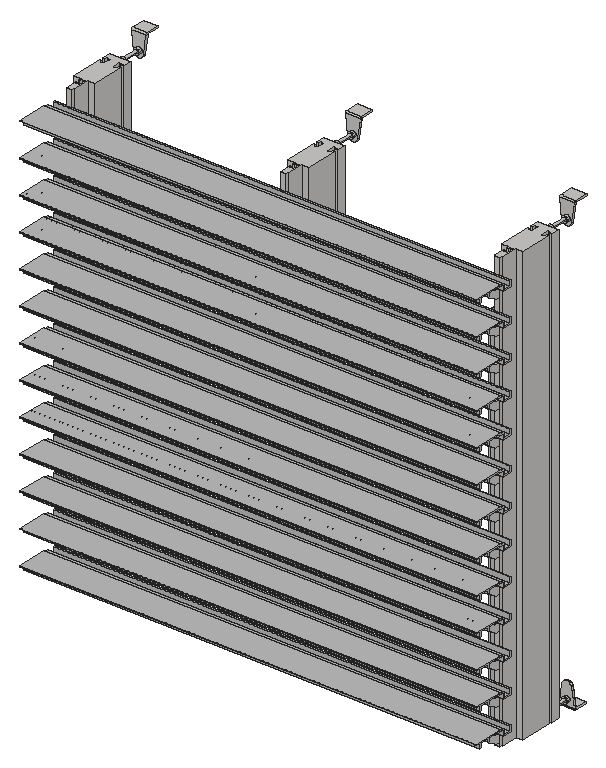
Revit family "Window_Shade-Draper-FlexLouver_Rack_Arm_System-Square", category Specialty Equipment, Revit 2013 (continued)
Definition of nested family "Bracket"
  Automatic sketch dimensions
    plane 1 "Center (Front/Back)" to Revolve 3 sketch curve = 0"
    Revolve 3 sketch curve to plane 3 "Center (Left/Right)" = 0.1102"
    plane 1 "Center (Front/Back)" to Revolve 3 sketch curve = 0.25196"
    Revolve 3 sketch curve to Revolve 3 sketch curve = 1.32498"
    Revolve 3 sketch curve to Revolve 3 sketch curve = 0.24196"
    Revolve 3 sketch curve to Revolve 3 sketch curve = 0.11811"
    Revolve 3 sketch curve to Revolve 3 sketch curve = 0.25196"
    Revolve 3 sketch curve to Revolve 3 sketch curve = 0.0945"
    Revolve 3 sketch curve to Revolve 3 sketch curve = 1.09843"
    Revolve 3 sketch curve to plane 1 "Center (Front/Back)" = 0.11811"
    Revolve 3 sketch curve to Revolve 3 sketch curve = 0.1102"
    Revolve 3 sketch curve to Revolve 3 sketch curve = 0.11418"  (x2)
    Revolve 3 sketch curve to Revolve 3 sketch curve = 0.22438"
    Extrusion 4 sketch curve to level = 0"
    plane 1 "Center (Front/Back)" to Extrusion 4 sketch curve = 1.8189"
    Extrusion 4 sketch curve to Extrusion 4 sketch curve = 1.06299"
    plane 3 "Center (Left/Right)" to Extrusion 5 sketch curve = 0.58257"
    plane 3 "Center (Left/Right)" to Extrusion 5 sketch curve = 0.37978"
    Extrusion 5 sketch curve to plane 6 = 0.99268"
    Extrusion 5 sketch curve to plane 3 "Center (Left/Right)" = 0"
    Extrusion 5 sketch curve to plane 3 "Center (Left/Right)" = 0.37978"
    Extrusion 5 sketch curve to plane 3 "Center (Left/Right)" = 0.58257"
    plane 1 "Center (Front/Back)" to Revolve 6 sketch curve = 0"
    Revolve 6 sketch curve to plane 3 "Center (Left/Right)" = 0"  (x3)
    Revolve 6 sketch curve to plane 3 "Center (Left/Right)" = 0.1102"  (x2)
    plane 1 "Center (Front/Back)" to Revolve 6 sketch curve = 0.25196"
    Revolve 6 sketch curve to Revolve 6 sketch curve = 0.11418"  (x2)
    Revolve 6 sketch curve to plane 3 "Center (Left/Right)" = 0.22438"
    Revolve 6 sketch curve to Revolve 6 sketch curve = 1.32498"
    Revolve 6 sketch curve to Revolve 6 sketch curve = 0.24196"
    Revolve 6 sketch curve to Revolve 6 sketch curve = 0.11811"
    Revolve 6 sketch curve to Revolve 6 sketch curve = 0.25196"
    Revolve 6 sketch curve to Revolve 6 sketch curve = 0.0945"
    Revolve 6 sketch curve to plane 1 "Center (Front/Back)" = 0.11811"
    Revolve 6 sketch curve to Revolve 6 sketch curve = 1.09843"
Definition of nested family "Louver Rotation"
  Parameters (values of type "Louver Rotation")
    Louver Rotation = 30.00°
    Louver = Metal - Draper -Aluminum - Silver
    Length = 36"
    88E Louver = no
    80R Louver = no
    75E Louver = no
    50A Louver = yes
  Reference planes (in)
    plane 1 "Center (Front/Back)": y = 0
    plane 2: z = 0
    plane 3 "Center (Left/Right)": x = 0
    plane 4: through (0, 11.8388, 20.5054) normal (0, -0.866, 0.5)
  Dimensions and locks (in)
    locked: plane 4 to plane 1 "Center (Front/Back)" at 0
    "Louver Rotation": angle plane 1 "Center (Front/Back)" to plane 4
    aligned and locked: plane 2 to level
    aligned and locked: nested 1 to plane 4
    aligned and locked: plane 3 "Center (Left/Right)" to nested 1
  Nested families (in)
    nested 1: "Louver" at (0, 0, 0) x (1, 0, 0) z (0, -0.866, 0.5), type "Louver"
  Definition of nested family "Louver"
    Parameters (values of type "Louver")
      Rack Arm Array = if(Length < 35 1/2", 2, if(and(Length > 35 1/2", Length < 70 1/2"), 3, if(and(Length > 70 1/2", Length < 105 1/2"), 4, if(and(Length > 105 1/2", Length < 140 1/2"), 5, if(Length > 140 1/2", 6, 2)))))  # 3
      Product Page URL = ""
      Product Name = ""
      Product Documentation Link = ""
      Model = ""
      Material = ""
      Louver = Metal - Draper -Aluminum - Silver
      Length = 36"
      Default Elevation = 48"
      88E Louver = no
      80R Louver = no
      75E Louver = no
      75E - 88E = if(or([88E Louver], [75E Louver]), 1 = 1, 1 = 0)  # no
      50A Louver = yes
    Reference planes (in)
      plane 1 "Center (Front/Back)": y = 0
      plane 2: z = 0
      plane 3 "Center (Left/Right)": x = 0
      plane 4: x = -18
      plane 5: x = 18
      plane 6: x = -17.46875
      plane 7: x = -17.15625
      plane 8: x = 16.3125
    Forms (in)
      Extrusion 1, solid, material "Metal - Draper -Aluminum - Silver" <- "Louver", visible <- "50A Louver"
        sketch origin (0.875, 0.09844, 0.09471) x (0, 1, 0) y (0, 0, 1)
          loop
            line (0.85922, 0) -> (0.86917, 0.02962)
            arc (0.86917, 0.02962) -> (-0.14297, 0.13236) -> (-1.10039, -0.21165) r 2.29955
            line (-1.10039, -0.21165) -> (-1.08494, -0.23886)
            arc (-1.08494, -0.23886) -> (-0.13997, 0.10124) -> (0.85922, 0) r 2.2683
        from -18.875 to 17.125
      Extrusion 2, solid, material "Metal - Draper -Aluminum - Silver" <- "Louver", visible <- "75E Louver"
        sketch origin (0.875, -0.27705, -0.28799) x (0, 1, 0) y (0, 0, 1)
          loop
            arc (-0.93097, 0.42732) -> (-0.63341, 0.48598) -> (-0.3325, 0.52386) r 4.37044
            line (-0.3325, 0.52386) -> (-0.3325, 0.26422) -> (-0.27191, 0.26422) -> (-0.27191, 0.52894)
            arc (-0.27191, 0.52894) -> (0.47622, 0.52215) -> (1.21224, 0.38786) r 4.37044
            line (1.21224, 0.38786) -> (1.21224, 0) -> (1.2892, 0) -> (1.2892, 0.36612)
            arc (1.2892, 0.36612) -> (1.51991, 0.29165) -> (1.74614, 0.20451) r 4.37044
            arc (1.74614, 0.20451) -> (1.82881, 0.1271) -> (1.84994, 0.23836) r 0.06463
            arc (1.84994, 0.23836) -> (0.43744, 0.61105) -> (-1.01727, 0.47752) r 4.20109
            arc (-1.01727, 0.47752) -> (-1.02703, 0.36146) -> (-0.93097, 0.42732) r 0.06446
        from -18.875 to 17.125
      Extrusion 3, solid, material "Metal - Draper -Aluminum - Silver" <- "Louver", visible <- "80R Louver"
        sketch origin (0.875, 0.01071, 2.13816) x (0, 1, 0) y (0, 0, 1)
          loop
            arc (1.4161, -2.4181) -> (1.37978, -2.50109) -> (1.33223, -2.42398) r 0.05114
            line (1.33223, -2.42398) -> (1.30018, -2.41891)
            arc (1.30018, -2.41891) -> (1.39147, -2.5307) -> (1.43495, -2.39308) r 0.08203
            arc (1.43495, -2.39308) -> (0.10648, -1.90939) -> (-1.29962, -2.05656) r 3.14468
            arc (-1.29962, -2.05656) -> (-1.30016, -2.20078) -> (-1.179, -2.12254) r 0.08203
            line (-1.179, -2.12254) -> (-1.21105, -2.11747)
            arc (-1.21105, -2.11747) -> (-1.2801, -2.17611) -> (-1.289, -2.08595) r 0.05114
            arc (-1.289, -2.08595) -> (0.10182, -1.94031) -> (1.4161, -2.4181) r 3.11343
        from -18.875 to 17.125
      Extrusion 4, solid, material "Metal - Draper -Aluminum - Silver" <- "Louver", visible <- "88E Louver"
        sketch origin (0.875, -0.64781, 2.45794) x (0, 1, 0) y (0, 0, 1)
          loop
            line (-1.05423, -2.17771) -> (-1.05423, -2.24021) -> (-0.69623, -2.24021) -> (-0.69623, -2.61148) -> (-0.63373, -2.61148) -> (-0.63373, -2.24021) -> (0.03734, -2.24021) -> (0.03734, -2.48736) -> (0.09832, -2.48736) -> (0.09832, -2.24021) -> (1.25281, -2.24021) -> (1.25281, -2.31855) -> (1.58301, -2.31855) -> (1.58301, -2.74593) -> (2.32077, -2.74593) -> (2.32077, -2.29155) -> (2.25724, -2.29155) -> (2.25724, -2.68343) -> (1.64458, -2.68343) -> (1.64458, -2.25605) -> (1.31531, -2.25605) -> (1.31531, -2.17771) -> (-1.05423, -2.17771)
        from -18.875 to 17.125
      Extrusion 5, solid, material "Metal - Draper -Aluminum - Silver" <- "Louver", visible <- "75E - 88E"
        sketch origin (0.03125, 9.96393, -0.85962) x (0, 1, 0) y (0, 0, 1)
          loop
            line (-8.89938, 0.32812) -> (-8.89938, 0.57163) -> (-9.02874, 0.57163) -> (-9.02874, 0.94914) -> (-9.82122, 0.94914)
            arc (-9.82122, 0.94914) -> (-9.93468, 1.02552) -> (-10.06742, 0.99255) r 0.16846
            line (-10.06742, 0.99255) -> (-10.51342, 1.03942) -> (-10.51342, 0.8302) -> (-10.57441, 0.8302) -> (-10.57441, 1.05461) -> (-10.64797, 1.04604) -> (-10.73533, 0.9893)
            arc (-10.73533, 0.9893) -> (-10.78682, 0.91644) -> (-10.77402, 0.82815) r 0.12038
            line (-10.77402, 0.82815) -> (-10.53117, 0.40752)
            arc (-10.53117, 0.40752) -> (-10.41309, 0.28944) -> (-10.2518, 0.24622) r 0.32258
            line (-10.2518, 0.24622) -> (-9.81442, 0.24622)
            arc (-9.81442, 0.24622) -> (-9.49847, 0.22436) -> (-9.19207, 0.14423) r 1.69904
            arc (-9.19207, 0.14423) -> (-8.62944, -0.26945) -> (-8.14287, -0.7704) r 4.21291
            arc (-8.14287, -0.7704) -> (-7.92295, -0.79192) -> (-7.90143, -0.572) r 0.15625
            arc (-7.90143, -0.572) -> (-8.36681, -0.08469) -> (-8.89938, 0.32812) r 4.52541
        from -17.5 to -17.1875
      Extrusion 6, solid, material "Metal - Draper -Aluminum - Silver" <- "Louver", visible <- "80R Louver"
        sketch origin (0.03125, 8.27568, -4.36662) x (0, 1, 0) y (0, 0, 1)
          loop
            line (-7.10762, 3.96828) -> (-7.01185, 3.95652) -> (-6.99493, 4.09435) -> (-6.84887, 4.08669)
            arc (-6.84887, 4.08669) -> (-8.16314, 4.56448) -> (-9.55396, 4.41884) r 3.11343
            line (-9.55396, 4.41884) -> (-9.43148, 4.40812) -> (-9.43148, 4.26562)
            arc (-9.43148, 4.26562) -> (-7.94482, 3.88738) -> (-6.69214, 3.00194) r 4.21291
            arc (-6.69214, 3.00194) -> (-6.47562, 2.99494) -> (-6.45912, 3.21056) r 0.15625
            arc (-6.45912, 3.21056) -> (-6.81272, 3.53864) -> (-7.19923, 3.82722) r 4.52541
            line (-7.19923, 3.82722) -> (-7.10762, 3.96828)
        from -17.5 to -17.1875
      Extrusion 7, solid, material "Metal - Draper -Aluminum - Silver" <- "Louver", visible <- "50A Louver"
        sketch origin (0.09375, -1.77024, -3.17223) x (0, 1, 0) y (0, 0, 1)
          loop
            arc (2.94797, 2.1925) -> (2.49588, 2.62987) -> (1.95835, 2.95657) r 2.82996
            arc (1.95835, 2.95657) -> (1.84399, 2.89281) -> (1.7131, 2.88984) r 0.2721
            line (1.7131, 2.88984) -> (1.29602, 2.55209) -> (1.25669, 2.60066) -> (1.69921, 2.95901)
            arc (1.69921, 2.95901) -> (1.57054, 3.09945) -> (1.60869, 3.28606) r 0.2096
            arc (1.60869, 3.28606) -> (1.18834, 3.16497) -> (0.80014, 2.96331) r 2.2058
            arc (0.80014, 2.96331) -> (0.69202, 2.98601) -> (0.71472, 3.09414) r 0.07812
            arc (0.71472, 3.09414) -> (0.77943, 3.13491) -> (0.84542, 3.17357) r 2.36205
            line (0.84542, 3.17357) -> (0.87627, 3.11921)
            arc (0.87627, 3.11921) -> (0.82224, 3.08776) -> (0.76908, 3.05484) r 2.29955
            line (0.76908, 3.05484) -> (0.78452, 3.02763)
            arc (0.78452, 3.02763) -> (1.72949, 3.36773) -> (2.72868, 3.26649) r 2.2683
            line (2.72868, 3.26649) -> (2.73863, 3.29611)
            arc (2.73863, 3.29611) -> (2.6791, 3.31522) -> (2.61906, 3.33271) r 2.29955
            line (2.61906, 3.33271) -> (2.639, 3.39204)
            arc (2.639, 3.39204) -> (2.71143, 3.37064) -> (2.78313, 3.34694) r 2.36205
            arc (2.78313, 3.34694) -> (2.83121, 3.24746) -> (2.73173, 3.19939) r 0.07813
            arc (2.73173, 3.19939) -> (2.6265, 3.23311) -> (2.5197, 3.26153) r 2.2058
            line (2.5197, 3.26153) -> (2.24021, 3.16529)
            arc (2.24021, 3.16529) -> (2.73896, 2.83611) -> (3.16638, 2.41847) r 3.14246
            arc (3.16638, 2.41847) -> (3.18384, 2.18601) -> (2.9509, 2.19491) r 0.15625
          loop
            arc (1.90262, 3.31973) -> (1.96396, 3.24078) -> (1.98175, 3.1424) r 0.2096
            line (1.98175, 3.1424) -> (2.40055, 3.2866)
            arc (2.40055, 3.2866) -> (2.15252, 3.31729) -> (1.90262, 3.31973) r 2.2058
        from -17.5625 to -17.25
      Extrusion 8, solid, material "Metal - Draper -Aluminum - Silver" <- "Louver", visible <- "75E - 88E"
        sketch origin (33.8125, 9.96393, -0.85962) x (0, 1, 0) y (0, 0, 1)
          loop
            line (-8.89938, 0.32812) -> (-8.89938, 0.57163) -> (-9.02874, 0.57163) -> (-9.02874, 0.94914) -> (-9.82122, 0.94914)
            arc (-9.82122, 0.94914) -> (-9.93468, 1.02552) -> (-10.06742, 0.99255) r 0.16846
            line (-10.06742, 0.99255) -> (-10.51342, 1.03942) -> (-10.51342, 0.8302) -> (-10.57441, 0.8302) -> (-10.57441, 1.05461) -> (-10.64797, 1.04604) -> (-10.73533, 0.9893)
            arc (-10.73533, 0.9893) -> (-10.78682, 0.91644) -> (-10.77402, 0.82815) r 0.12038
            line (-10.77402, 0.82815) -> (-10.53117, 0.40752)
            arc (-10.53117, 0.40752) -> (-10.41309, 0.28944) -> (-10.2518, 0.24622) r 0.32258
            line (-10.2518, 0.24622) -> (-9.81442, 0.24622)
            arc (-9.81442, 0.24622) -> (-9.49847, 0.22436) -> (-9.19207, 0.14423) r 1.69904
            arc (-9.19207, 0.14423) -> (-8.62944, -0.26945) -> (-8.14287, -0.7704) r 4.21291
            arc (-8.14287, -0.7704) -> (-7.92295, -0.79192) -> (-7.90143, -0.572) r 0.15625
            arc (-7.90143, -0.572) -> (-8.36681, -0.08469) -> (-8.89938, 0.32812) r 4.52541
        from -17.5 to -17.1875
      Extrusion 9, solid, material "Metal - Draper -Aluminum - Silver" <- "Louver", visible <- "75E - 88E"
        sketch origin (16.92188, 9.96393, -0.85962) x (0, 1, 0) y (0, 0, 1)
          loop
            line (-8.89938, 0.32812) -> (-8.89938, 0.57163) -> (-9.02874, 0.57163) -> (-9.02874, 0.94914) -> (-9.82122, 0.94914)
            arc (-9.82122, 0.94914) -> (-9.93468, 1.02552) -> (-10.06742, 0.99255) r 0.16846
            line (-10.06742, 0.99255) -> (-10.51342, 1.03942) -> (-10.51342, 0.8302) -> (-10.57441, 0.8302) -> (-10.57441, 1.05461) -> (-10.64797, 1.04604) -> (-10.73533, 0.9893)
            arc (-10.73533, 0.9893) -> (-10.78682, 0.91644) -> (-10.77402, 0.82815) r 0.12038
            line (-10.77402, 0.82815) -> (-10.53117, 0.40752)
            arc (-10.53117, 0.40752) -> (-10.41309, 0.28944) -> (-10.2518, 0.24622) r 0.32258
            line (-10.2518, 0.24622) -> (-9.81442, 0.24622)
            arc (-9.81442, 0.24622) -> (-9.49847, 0.22436) -> (-9.19207, 0.14423) r 1.69904
            arc (-9.19207, 0.14423) -> (-8.62944, -0.26945) -> (-8.14287, -0.7704) r 4.21291
            arc (-8.14287, -0.7704) -> (-7.92295, -0.79192) -> (-7.90143, -0.572) r 0.15625
            arc (-7.90143, -0.572) -> (-8.36681, -0.08469) -> (-8.89938, 0.32812) r 4.52541
        from -17.5 to -17.1875
      Extrusion 10, solid, material "Metal - Draper -Aluminum - Silver" <- "Louver", visible <- "80R Louver"
        sketch origin (33.8125, 8.27568, -4.36662) x (0, 1, 0) y (0, 0, 1)
          loop
            line (-7.10762, 3.96828) -> (-7.01185, 3.95652) -> (-6.99493, 4.09435) -> (-6.84887, 4.08669)
            arc (-6.84887, 4.08669) -> (-8.16314, 4.56448) -> (-9.55396, 4.41884) r 3.11343
            line (-9.55396, 4.41884) -> (-9.43148, 4.40812) -> (-9.43148, 4.26562)
            arc (-9.43148, 4.26562) -> (-7.94482, 3.88738) -> (-6.69214, 3.00194) r 4.21291
            arc (-6.69214, 3.00194) -> (-6.47562, 2.99494) -> (-6.45912, 3.21056) r 0.15625
            arc (-6.45912, 3.21056) -> (-6.81272, 3.53864) -> (-7.19923, 3.82722) r 4.52541
            line (-7.19923, 3.82722) -> (-7.10762, 3.96828)
        from -17.5 to -17.1875
      Extrusion 11, solid, material "Metal - Draper -Aluminum - Silver" <- "Louver", visible <- "80R Louver"
        sketch origin (16.92188, 8.27568, -4.36662) x (0, 1, 0) y (0, 0, 1)
          loop
            line (-7.10762, 3.96828) -> (-7.01185, 3.95652) -> (-6.99493, 4.09435) -> (-6.84887, 4.08669)
            arc (-6.84887, 4.08669) -> (-8.16314, 4.56448) -> (-9.55396, 4.41884) r 3.11343
            line (-9.55396, 4.41884) -> (-9.43148, 4.40812) -> (-9.43148, 4.26562)
            arc (-9.43148, 4.26562) -> (-7.94482, 3.88738) -> (-6.69214, 3.00194) r 4.21291
            arc (-6.69214, 3.00194) -> (-6.47562, 2.99494) -> (-6.45912, 3.21056) r 0.15625
            arc (-6.45912, 3.21056) -> (-6.81272, 3.53864) -> (-7.19923, 3.82722) r 4.52541
            line (-7.19923, 3.82722) -> (-7.10762, 3.96828)
        from -17.5 to -17.1875
      Extrusion 12, solid, material "Metal - Draper -Aluminum - Silver" <- "Louver", visible <- "50A Louver"
        sketch origin (33.875, -1.77024, -3.17223) x (0, 1, 0) y (0, 0, 1)
          loop
            arc (2.94797, 2.1925) -> (2.49588, 2.62987) -> (1.95835, 2.95657) r 2.82996
            arc (1.95835, 2.95657) -> (1.84399, 2.89281) -> (1.7131, 2.88984) r 0.2721
            line (1.7131, 2.88984) -> (1.29602, 2.55209) -> (1.25669, 2.60066) -> (1.69921, 2.95901)
            arc (1.69921, 2.95901) -> (1.57054, 3.09945) -> (1.60869, 3.28606) r 0.2096
            arc (1.60869, 3.28606) -> (1.18834, 3.16497) -> (0.80014, 2.96331) r 2.2058
            arc (0.80014, 2.96331) -> (0.69202, 2.98601) -> (0.71472, 3.09414) r 0.07812
            arc (0.71472, 3.09414) -> (0.77943, 3.13491) -> (0.84542, 3.17357) r 2.36205
            line (0.84542, 3.17357) -> (0.87627, 3.11921)
            arc (0.87627, 3.11921) -> (0.82224, 3.08776) -> (0.76908, 3.05484) r 2.29955
            line (0.76908, 3.05484) -> (0.78452, 3.02763)
            arc (0.78452, 3.02763) -> (1.72949, 3.36773) -> (2.72868, 3.26649) r 2.2683
            line (2.72868, 3.26649) -> (2.73863, 3.29611)
            arc (2.73863, 3.29611) -> (2.6791, 3.31522) -> (2.61906, 3.33271) r 2.29955
            line (2.61906, 3.33271) -> (2.639, 3.39204)
            arc (2.639, 3.39204) -> (2.71143, 3.37064) -> (2.78313, 3.34694) r 2.36205
            arc (2.78313, 3.34694) -> (2.83121, 3.24746) -> (2.73173, 3.19939) r 0.07813
            arc (2.73173, 3.19939) -> (2.6265, 3.23311) -> (2.5197, 3.26153) r 2.2058
            line (2.5197, 3.26153) -> (2.24021, 3.16529)
            arc (2.24021, 3.16529) -> (2.73896, 2.83611) -> (3.16638, 2.41847) r 3.14246
            arc (3.16638, 2.41847) -> (3.18384, 2.18601) -> (2.9509, 2.19491) r 0.15625
          loop
            arc (1.90262, 3.31973) -> (1.96396, 3.24078) -> (1.98175, 3.1424) r 0.2096
            line (1.98175, 3.1424) -> (2.40055, 3.2866)
            arc (2.40055, 3.2866) -> (2.15252, 3.31729) -> (1.90262, 3.31973) r 2.2058
        from -17.5625 to -17.25
      Extrusion 13, solid, material "Metal - Draper -Aluminum - Silver" <- "Louver", visible <- "50A Louver"
        sketch origin (16.98438, -1.77024, -3.17223) x (0, 1, 0) y (0, 0, 1)
          loop
            arc (2.94797, 2.1925) -> (2.49588, 2.62987) -> (1.95835, 2.95657) r 2.82996
            arc (1.95835, 2.95657) -> (1.84399, 2.89281) -> (1.7131, 2.88984) r 0.2721
            line (1.7131, 2.88984) -> (1.29602, 2.55209) -> (1.25669, 2.60066) -> (1.69921, 2.95901)
            arc (1.69921, 2.95901) -> (1.57054, 3.09945) -> (1.60869, 3.28606) r 0.2096
            arc (1.60869, 3.28606) -> (1.18834, 3.16497) -> (0.80014, 2.96331) r 2.2058
            arc (0.80014, 2.96331) -> (0.69202, 2.98601) -> (0.71472, 3.09414) r 0.07812
            arc (0.71472, 3.09414) -> (0.77943, 3.13491) -> (0.84542, 3.17357) r 2.36205
            line (0.84542, 3.17357) -> (0.87627, 3.11921)
            arc (0.87627, 3.11921) -> (0.82224, 3.08776) -> (0.76908, 3.05484) r 2.29955
            line (0.76908, 3.05484) -> (0.78452, 3.02763)
            arc (0.78452, 3.02763) -> (1.72949, 3.36773) -> (2.72868, 3.26649) r 2.2683
            line (2.72868, 3.26649) -> (2.73863, 3.29611)
            arc (2.73863, 3.29611) -> (2.6791, 3.31522) -> (2.61906, 3.33271) r 2.29955
            line (2.61906, 3.33271) -> (2.639, 3.39204)
            arc (2.639, 3.39204) -> (2.71143, 3.37064) -> (2.78313, 3.34694) r 2.36205
            arc (2.78313, 3.34694) -> (2.83121, 3.24746) -> (2.73173, 3.19939) r 0.07813
            arc (2.73173, 3.19939) -> (2.6265, 3.23311) -> (2.5197, 3.26153) r 2.2058
            line (2.5197, 3.26153) -> (2.24021, 3.16529)
            arc (2.24021, 3.16529) -> (2.73896, 2.83611) -> (3.16638, 2.41847) r 3.14246
            arc (3.16638, 2.41847) -> (3.18384, 2.18601) -> (2.9509, 2.19491) r 0.15625
          loop
            arc (1.90262, 3.31973) -> (1.96396, 3.24078) -> (1.98175, 3.1424) r 0.2096
            line (1.98175, 3.1424) -> (2.40055, 3.2866)
            arc (2.40055, 3.2866) -> (2.15252, 3.31729) -> (1.90262, 3.31973) r 2.2058
        from -17.5625 to -17.25
      Extrusion 14, solid, material "Metal - Draper -Aluminum - Silver" <- "Louver", visible <- "50A Louver", not visible
        sketch origin (0.09375, -1.77024, -3.17223) x (0, 1, 0) y (0, 0, 1)
          loop
            arc (2.94797, 2.1925) -> (2.49588, 2.62987) -> (1.95835, 2.95657) r 2.82996
            arc (1.95835, 2.95657) -> (1.84399, 2.89281) -> (1.7131, 2.88984) r 0.2721
            line (1.7131, 2.88984) -> (1.29602, 2.55209) -> (1.25669, 2.60066) -> (1.69921, 2.95901)
            arc (1.69921, 2.95901) -> (1.57054, 3.09945) -> (1.60869, 3.28606) r 0.2096
            arc (1.60869, 3.28606) -> (1.18834, 3.16497) -> (0.80014, 2.96331) r 2.2058
            arc (0.80014, 2.96331) -> (0.69202, 2.98601) -> (0.71472, 3.09414) r 0.07812
            arc (0.71472, 3.09414) -> (0.77943, 3.13491) -> (0.84542, 3.17357) r 2.36205
            line (0.84542, 3.17357) -> (0.87627, 3.11921)
            arc (0.87627, 3.11921) -> (0.82224, 3.08776) -> (0.76908, 3.05484) r 2.29955
            line (0.76908, 3.05484) -> (0.78452, 3.02763)
            arc (0.78452, 3.02763) -> (1.72949, 3.36773) -> (2.72868, 3.26649) r 2.2683
            line (2.72868, 3.26649) -> (2.73863, 3.29611)
            arc (2.73863, 3.29611) -> (2.6791, 3.31522) -> (2.61906, 3.33271) r 2.29955
            line (2.61906, 3.33271) -> (2.639, 3.39204)
            arc (2.639, 3.39204) -> (2.71143, 3.37064) -> (2.78313, 3.34694) r 2.36205
            arc (2.78313, 3.34694) -> (2.83121, 3.24746) -> (2.73173, 3.19939) r 0.07813
            arc (2.73173, 3.19939) -> (2.6265, 3.23311) -> (2.5197, 3.26153) r 2.2058
            line (2.5197, 3.26153) -> (2.24021, 3.16529)
            arc (2.24021, 3.16529) -> (2.73896, 2.83611) -> (3.16638, 2.41847) r 3.14246
            arc (3.16638, 2.41847) -> (3.18384, 2.18601) -> (2.9509, 2.19491) r 0.15625
          loop
            arc (1.90262, 3.31973) -> (1.96396, 3.24078) -> (1.98175, 3.1424) r 0.2096
            line (1.98175, 3.1424) -> (2.40055, 3.2866)
            arc (2.40055, 3.2866) -> (2.15252, 3.31729) -> (1.90262, 3.31973) r 2.2058
        from -17.5625 to -17.25
      Extrusion 15, solid, material "Metal - Draper -Aluminum - Silver" <- "Louver", visible <- "80R Louver", not visible
        sketch origin (0.03125, 8.27568, -4.36662) x (0, 1, 0) y (0, 0, 1)
          loop
            line (-7.10762, 3.96828) -> (-7.01185, 3.95652) -> (-6.99493, 4.09435) -> (-6.84887, 4.08669)
            arc (-6.84887, 4.08669) -> (-8.16314, 4.56448) -> (-9.55396, 4.41884) r 3.11343
            line (-9.55396, 4.41884) -> (-9.43148, 4.40812) -> (-9.43148, 4.26562)
            arc (-9.43148, 4.26562) -> (-7.94482, 3.88738) -> (-6.69214, 3.00194) r 4.21291
            arc (-6.69214, 3.00194) -> (-6.47562, 2.99494) -> (-6.45912, 3.21056) r 0.15625
            arc (-6.45912, 3.21056) -> (-6.81272, 3.53864) -> (-7.19923, 3.82722) r 4.52541
            line (-7.19923, 3.82722) -> (-7.10762, 3.96828)
        from -17.5 to -17.1875
      Extrusion 16, solid, material "Metal - Draper -Aluminum - Silver" <- "Louver", visible <- "75E - 88E", not visible
        sketch origin (0.03125, 9.96393, -0.85962) x (0, 1, 0) y (0, 0, 1)
          loop
            line (-8.89938, 0.32812) -> (-8.89938, 0.57163) -> (-9.02874, 0.57163) -> (-9.02874, 0.94914) -> (-9.82122, 0.94914)
            arc (-9.82122, 0.94914) -> (-9.93468, 1.02552) -> (-10.06742, 0.99255) r 0.16846
            line (-10.06742, 0.99255) -> (-10.51342, 1.03942) -> (-10.51342, 0.8302) -> (-10.57441, 0.8302) -> (-10.57441, 1.05461) -> (-10.64797, 1.04604) -> (-10.73533, 0.9893)
            arc (-10.73533, 0.9893) -> (-10.78682, 0.91644) -> (-10.77402, 0.82815) r 0.12038
            line (-10.77402, 0.82815) -> (-10.53117, 0.40752)
            arc (-10.53117, 0.40752) -> (-10.41309, 0.28944) -> (-10.2518, 0.24622) r 0.32258
            line (-10.2518, 0.24622) -> (-9.81442, 0.24622)
            arc (-9.81442, 0.24622) -> (-9.49847, 0.22436) -> (-9.19207, 0.14423) r 1.69904
            arc (-9.19207, 0.14423) -> (-8.62944, -0.26945) -> (-8.14287, -0.7704) r 4.21291
            arc (-8.14287, -0.7704) -> (-7.92295, -0.79192) -> (-7.90143, -0.572) r 0.15625
            arc (-7.90143, -0.572) -> (-8.36681, -0.08469) -> (-8.89938, 0.32812) r 4.52541
        from -17.5 to -17.1875
    Dimensions and locks (in)
      equal spacing: plane 4, plane 3 "Center (Left/Right)", plane 5
      "Length": plane 4 to plane 5
      locked: plane 4 to plane 6 at 0.53125
      locked: plane 6 to plane 7 at 0.3125
      locked: plane 8 to plane 5 at 1.6875
      equal spacing: group 1, group 3, group 2  (x3)
      equal spacing: group 4, group 6, group 5  (x3)
      equal spacing: group 7, group 9, group 8  (x3)
      aligned and locked: plane 2 to level
      aligned and locked: Extrusion 4 to plane 4
      aligned and locked: Extrusion 2 to plane 4
      aligned and locked: Extrusion 3 to plane 4
      aligned and locked: Extrusion 1 to plane 4
      aligned and locked: plane 5 to Extrusion 4
      aligned and locked: plane 5 to Extrusion 2
      aligned and locked: plane 5 to Extrusion 1
      aligned and locked: plane 5 to Extrusion 3
      aligned and locked: Extrusion 5 to plane 6
      aligned and locked: Extrusion 6 to plane 6
      aligned and locked: plane 8 to Extrusion 8
      aligned and locked: plane 8 to Extrusion 10
      aligned and locked: plane 8 to Extrusion 12
      aligned and locked: plane 7 to Extrusion 5
      aligned and locked: plane 7 to Extrusion 6
      aligned and locked: plane 7 to Extrusion 7
    Automatic sketch dimensions
      Extrusion 3 sketch curve to Extrusion 3 sketch curve = 0"  (x2)
      level to Extrusion 3 sketch curve = 0.02069"
      plane 1 "Center (Front/Back)" to Extrusion 3 sketch curve = 1.20034"
      Extrusion 3 sketch curve to level = 0.28582"
      level to Extrusion 3 sketch curve = 1/64"
      Extrusion 3 sketch curve to Extrusion 3 sketch curve = 0.03204"  (x2)
      Extrusion 3 sketch curve to Extrusion 3 sketch curve = 0.08857"
      Extrusion 3 sketch curve to Extrusion 3 sketch curve = 0.01063"
      level to Extrusion 3 sketch curve = 0.00946"
      Extrusion 3 sketch curve to Extrusion 3 sketch curve = 0.04989"
      Extrusion 3 sketch curve to Extrusion 3 sketch curve = 0.00014"
      plane 1 "Center (Front/Back)" to Extrusion 3 sketch curve = 0.2669"
      Extrusion 3 sketch curve to Extrusion 3 sketch curve = 0.00017"
      Extrusion 3 sketch curve to Extrusion 3 sketch curve = 0.01885"
      Extrusion 3 sketch curve to Extrusion 3 sketch curve = 0.00508"
      Extrusion 3 sketch curve to level = 2.89237"
      Extrusion 3 sketch curve to Extrusion 3 sketch curve = 0.00006"
      level to Extrusion 4 sketch curve = 0.28023"
      plane 1 "Center (Front/Back)" to Extrusion 4 sketch curve = 1.70204"
      Extrusion 4 sketch curve to level = 0.28799"
      Extrusion 4 sketch curve to Extrusion 4 sketch curve = 0.358"
      Extrusion 4 sketch curve to Extrusion 4 sketch curve = 1/16"  (x5)
      Extrusion 4 sketch curve to level = 0.02942"
      plane 1 "Center (Front/Back)" to Extrusion 4 sketch curve = 0.61048"
      Extrusion 4 sketch curve to Extrusion 4 sketch curve = 0.06098"
      Extrusion 4 sketch curve to Extrusion 4 sketch curve = 0.3302"
      Extrusion 4 sketch curve to Extrusion 4 sketch curve = 0.06353"
      Extrusion 4 sketch curve to level = 0.15354"
      level to Extrusion 4 sketch curve = 0.1394"
      level to Extrusion 4 sketch curve = 0.1664"
      Extrusion 4 sketch curve to Extrusion 4 sketch curve = 0.01583"
      Extrusion 4 sketch curve to Extrusion 4 sketch curve = 0"
      Extrusion 5 sketch curve to Extrusion 5 sketch curve = 0.03869"
      Extrusion 5 sketch curve to Extrusion 5 sketch curve = 0.08736"
      Extrusion 5 sketch curve to Extrusion 5 sketch curve = 0.19961"
      Extrusion 5 sketch curve to Extrusion 5 sketch curve = 0.04324"
      Extrusion 5 sketch curve to Extrusion 5 sketch curve = 0.06098"
      Extrusion 5 sketch curve to Extrusion 5 sketch curve = 0"  (x6)
      Extrusion 5 sketch curve to Extrusion 5 sketch curve = 0.16129"
      Extrusion 5 sketch curve to Extrusion 5 sketch curve = 0.24351"
      Extrusion 5 sketch curve to Extrusion 5 sketch curve = 0.00661"
      Extrusion 5 sketch curve to Extrusion 5 sketch curve = 0.01518"
      Extrusion 5 sketch curve to Extrusion 5 sketch curve = 3.69133"
      Extrusion 4 sketch curve to plane 1 "Center (Front/Back)" = 0.605"
      Extrusion 4 sketch curve to Extrusion 4 sketch curve = 0.06157"
      Extrusion 5 sketch curve to Extrusion 5 sketch curve = 0.12936"
      Extrusion 5 sketch curve to Extrusion 5 sketch curve = 0.29269"
      Extrusion 6 sketch curve to Extrusion 6 sketch curve = 0.12249"
      Extrusion 6 sketch curve to Extrusion 6 sketch curve = 0.0916"
      Extrusion 6 sketch curve to Extrusion 6 sketch curve = 0.09577"
      Extrusion 6 sketch curve to Extrusion 6 sketch curve = 0.12072"
      Extrusion 6 sketch curve to Extrusion 6 sketch curve = 0.1293"
      Extrusion 6 sketch curve to Extrusion 6 sketch curve = 0.01176"
      Extrusion 6 sketch curve to Extrusion 6 sketch curve = 0.00765"
      Extrusion 6 sketch curve to Extrusion 6 sketch curve = 1.41236"
      Extrusion 6 sketch curve to Extrusion 6 sketch curve = 0.00038"
      Extrusion 6 sketch curve to Extrusion 6 sketch curve = 0.10904"
      Extrusion 3 sketch curve to Extrusion 3 sketch curve = 0.0438"
      Extrusion 3 sketch curve to Extrusion 3 sketch curve = 0.0399"
      Extrusion 6 sketch curve to Extrusion 6 sketch curve = 0.14606"
      Extrusion 3 sketch curve to plane 1 "Center (Front/Back)" = 1.31089"
      Extrusion 4 sketch curve to plane 1 "Center (Front/Back)" = 1.60943"
      Extrusion 5 sketch curve to Extrusion 5 sketch curve = 0.75651"
      Extrusion 5 sketch curve to Extrusion 5 sketch curve = 0.12072"
      Extrusion 6 sketch curve to Extrusion 6 sketch curve = 0.50709"
      Extrusion 6 sketch curve to Extrusion 6 sketch curve = 0.00039"
      Extrusion 5 sketch curve to Extrusion 5 sketch curve = 0.27937"
      Extrusion 5 sketch curve to Extrusion 5 sketch curve = 0.446"
      Extrusion 5 sketch curve to Extrusion 5 sketch curve = 0.2462"
      Extrusion 5 sketch curve to Extrusion 5 sketch curve = 0.43738"
      Extrusion 5 sketch curve to Extrusion 5 sketch curve = 0.79248"
      Extrusion 5 sketch curve to Extrusion 5 sketch curve = 1.146"
      Extrusion 5 sketch curve to Extrusion 5 sketch curve = 0.09536"
      Extrusion 5 sketch curve to Extrusion 5 sketch curve = 0.10349"
      Extrusion 5 sketch curve to Extrusion 5 sketch curve = 0.58118"
      Extrusion 5 sketch curve to Extrusion 5 sketch curve = 0.0819"
      Extrusion 5 sketch curve to Extrusion 5 sketch curve = 0.42063"
      Extrusion 5 sketch curve to Extrusion 5 sketch curve = 0.00206"
      Extrusion 5 sketch curve to Extrusion 5 sketch curve = 0.3775"
      Extrusion 5 sketch curve to Extrusion 5 sketch curve = 0.16115"
      Extrusion 5 sketch curve to Extrusion 5 sketch curve = 0.04341"
      Extrusion 5 sketch curve to Extrusion 5 sketch curve = 0.20922"
      Extrusion 8 sketch curve to Extrusion 8 sketch curve = 0.03869"
      Extrusion 8 sketch curve to Extrusion 8 sketch curve = 0.08736"
      Extrusion 8 sketch curve to Extrusion 8 sketch curve = 0.19961"
      Extrusion 8 sketch curve to Extrusion 8 sketch curve = 0.04324"
      Extrusion 8 sketch curve to Extrusion 8 sketch curve = 0.06098"
      Extrusion 8 sketch curve to Extrusion 8 sketch curve = 0"  (x6)
      Extrusion 8 sketch curve to Extrusion 8 sketch curve = 0.16129"
      Extrusion 8 sketch curve to Extrusion 8 sketch curve = 0.24351"
      Extrusion 8 sketch curve to Extrusion 8 sketch curve = 0.00661"
      Extrusion 8 sketch curve to Extrusion 8 sketch curve = 0.01518"
      Extrusion 8 sketch curve to Extrusion 8 sketch curve = 3.69133"
      Extrusion 8 sketch curve to Extrusion 8 sketch curve = 0.12936"
      Extrusion 8 sketch curve to Extrusion 8 sketch curve = 0.29269"
      Extrusion 8 sketch curve to Extrusion 8 sketch curve = 0.75651"
      Extrusion 8 sketch curve to Extrusion 8 sketch curve = 0.12072"
      Extrusion 8 sketch curve to Extrusion 8 sketch curve = 0.27937"
      Extrusion 8 sketch curve to Extrusion 8 sketch curve = 0.446"
      Extrusion 8 sketch curve to Extrusion 8 sketch curve = 0.2462"
      Extrusion 8 sketch curve to Extrusion 8 sketch curve = 0.43738"
      Extrusion 8 sketch curve to Extrusion 8 sketch curve = 0.79248"
      Extrusion 8 sketch curve to Extrusion 8 sketch curve = 1.146"
      Extrusion 8 sketch curve to Extrusion 8 sketch curve = 0.09536"
      Extrusion 8 sketch curve to Extrusion 8 sketch curve = 0.10349"
      Extrusion 8 sketch curve to Extrusion 8 sketch curve = 0.58118"
      Extrusion 8 sketch curve to Extrusion 8 sketch curve = 0.0819"
      Extrusion 8 sketch curve to Extrusion 8 sketch curve = 0.42063"
      Extrusion 8 sketch curve to Extrusion 8 sketch curve = 0.00206"
      Extrusion 8 sketch curve to Extrusion 8 sketch curve = 0.3775"
      Extrusion 8 sketch curve to Extrusion 8 sketch curve = 0.16115"
      Extrusion 8 sketch curve to Extrusion 8 sketch curve = 0.04341"
      Extrusion 8 sketch curve to Extrusion 8 sketch curve = 0.20922"
      Extrusion 9 sketch curve to Extrusion 9 sketch curve = 0.03869"
      Extrusion 9 sketch curve to Extrusion 9 sketch curve = 0.08736"
      Extrusion 9 sketch curve to Extrusion 9 sketch curve = 0.19961"
      Extrusion 9 sketch curve to Extrusion 9 sketch curve = 0.04324"
      Extrusion 9 sketch curve to Extrusion 9 sketch curve = 0.06098"
      Extrusion 9 sketch curve to Extrusion 9 sketch curve = 0"  (x6)
      Extrusion 9 sketch curve to Extrusion 9 sketch curve = 0.16129"
      Extrusion 9 sketch curve to Extrusion 9 sketch curve = 0.24351"
      Extrusion 9 sketch curve to Extrusion 9 sketch curve = 0.00661"
      Extrusion 9 sketch curve to Extrusion 9 sketch curve = 0.01518"
      Extrusion 9 sketch curve to Extrusion 9 sketch curve = 3.69133"
      Extrusion 9 sketch curve to Extrusion 9 sketch curve = 0.12936"
      Extrusion 9 sketch curve to Extrusion 9 sketch curve = 0.29269"
      Extrusion 9 sketch curve to Extrusion 9 sketch curve = 0.75651"
      Extrusion 9 sketch curve to Extrusion 9 sketch curve = 0.12072"
      Extrusion 9 sketch curve to Extrusion 9 sketch curve = 0.27937"
      Extrusion 9 sketch curve to Extrusion 9 sketch curve = 0.446"
      Extrusion 9 sketch curve to Extrusion 9 sketch curve = 0.2462"
      Extrusion 9 sketch curve to Extrusion 9 sketch curve = 0.43738"
      Extrusion 9 sketch curve to Extrusion 9 sketch curve = 0.79248"
      Extrusion 9 sketch curve to Extrusion 9 sketch curve = 1.146"
      Extrusion 9 sketch curve to Extrusion 9 sketch curve = 0.09536"
      Extrusion 9 sketch curve to Extrusion 9 sketch curve = 0.10349"
      Extrusion 9 sketch curve to Extrusion 9 sketch curve = 0.58118"
      Extrusion 9 sketch curve to Extrusion 9 sketch curve = 0.0819"
      Extrusion 9 sketch curve to Extrusion 9 sketch curve = 0.42063"
      Extrusion 9 sketch curve to Extrusion 9 sketch curve = 0.00206"
      Extrusion 9 sketch curve to Extrusion 9 sketch curve = 0.3775"
      Extrusion 9 sketch curve to Extrusion 9 sketch curve = 0.16115"
      Extrusion 9 sketch curve to Extrusion 9 sketch curve = 0.04341"
      Extrusion 9 sketch curve to Extrusion 9 sketch curve = 0.20922"
      Extrusion 6 sketch curve to Extrusion 6 sketch curve = 0"  (x4)
      Extrusion 6 sketch curve to Extrusion 6 sketch curve = 2.23225"
      Extrusion 6 sketch curve to Extrusion 6 sketch curve = 0.01692"
      Extrusion 6 sketch curve to Extrusion 6 sketch curve = 0.27807"
      Extrusion 6 sketch curve to Extrusion 6 sketch curve = 1.16697"
      Extrusion 6 sketch curve to Extrusion 6 sketch curve = 0.11191"
      Extrusion 6 sketch curve to Extrusion 6 sketch curve = 0.4384"
      Extrusion 6 sketch curve to Extrusion 6 sketch curve = 0.01072"
      Extrusion 10 sketch curve to Extrusion 10 sketch curve = 0.12249"
      Extrusion 10 sketch curve to Extrusion 10 sketch curve = 0.0916"
      Extrusion 10 sketch curve to Extrusion 10 sketch curve = 0.09577"
      Extrusion 10 sketch curve to Extrusion 10 sketch curve = 0.12072"
      Extrusion 10 sketch curve to Extrusion 10 sketch curve = 0.1293"
      Extrusion 10 sketch curve to Extrusion 10 sketch curve = 0.01176"
      Extrusion 10 sketch curve to Extrusion 10 sketch curve = 0.00765"
      Extrusion 10 sketch curve to Extrusion 10 sketch curve = 1.41236"
      Extrusion 10 sketch curve to Extrusion 10 sketch curve = 0.00038"
      Extrusion 10 sketch curve to Extrusion 10 sketch curve = 0.10904"
      Extrusion 10 sketch curve to Extrusion 10 sketch curve = 0.14606"
      Extrusion 10 sketch curve to Extrusion 10 sketch curve = 0.50709"
      Extrusion 10 sketch curve to Extrusion 10 sketch curve = 0.00039"
      Extrusion 10 sketch curve to Extrusion 10 sketch curve = 0"  (x4)
      Extrusion 10 sketch curve to Extrusion 10 sketch curve = 2.23225"
      Extrusion 10 sketch curve to Extrusion 10 sketch curve = 0.01692"
      Extrusion 10 sketch curve to Extrusion 10 sketch curve = 0.27807"
      Extrusion 10 sketch curve to Extrusion 10 sketch curve = 1.16697"
      Extrusion 10 sketch curve to Extrusion 10 sketch curve = 0.11191"
      Extrusion 10 sketch curve to Extrusion 10 sketch curve = 0.4384"
      Extrusion 10 sketch curve to Extrusion 10 sketch curve = 0.01072"
      Extrusion 11 sketch curve to Extrusion 11 sketch curve = 0.12249"
      Extrusion 11 sketch curve to Extrusion 11 sketch curve = 0.0916"
      Extrusion 11 sketch curve to Extrusion 11 sketch curve = 0.09577"
      Extrusion 11 sketch curve to Extrusion 11 sketch curve = 0.12072"
      Extrusion 11 sketch curve to Extrusion 11 sketch curve = 0.1293"
      Extrusion 11 sketch curve to Extrusion 11 sketch curve = 0.01176"
      Extrusion 11 sketch curve to Extrusion 11 sketch curve = 0.00765"
      Extrusion 11 sketch curve to Extrusion 11 sketch curve = 1.41236"
      Extrusion 11 sketch curve to Extrusion 11 sketch curve = 0.00038"
      Extrusion 11 sketch curve to Extrusion 11 sketch curve = 0.10904"
      Extrusion 11 sketch curve to Extrusion 11 sketch curve = 0.14606"
      Extrusion 11 sketch curve to Extrusion 11 sketch curve = 0.50709"
      Extrusion 11 sketch curve to Extrusion 11 sketch curve = 0.00039"
      Extrusion 11 sketch curve to Extrusion 11 sketch curve = 0"  (x4)
      Extrusion 11 sketch curve to Extrusion 11 sketch curve = 2.23225"
      Extrusion 11 sketch curve to Extrusion 11 sketch curve = 0.01692"
      Extrusion 11 sketch curve to Extrusion 11 sketch curve = 0.27807"
      Extrusion 11 sketch curve to Extrusion 11 sketch curve = 1.16697"
      Extrusion 11 sketch curve to Extrusion 11 sketch curve = 0.11191"
      Extrusion 11 sketch curve to Extrusion 11 sketch curve = 0.4384"
      Extrusion 11 sketch curve to Extrusion 11 sketch curve = 0.01072"
      Extrusion 15 sketch curve to Extrusion 15 sketch curve = 0.12249"
      Extrusion 15 sketch curve to Extrusion 15 sketch curve = 0.0916"
      Extrusion 15 sketch curve to Extrusion 15 sketch curve = 0.09577"
      Extrusion 15 sketch curve to Extrusion 15 sketch curve = 0.12072"
      Extrusion 15 sketch curve to Extrusion 15 sketch curve = 0.1293"
      Extrusion 15 sketch curve to Extrusion 15 sketch curve = 0.01176"
      Extrusion 15 sketch curve to Extrusion 15 sketch curve = 0.00765"
      Extrusion 15 sketch curve to Extrusion 15 sketch curve = 1.41236"
      Extrusion 15 sketch curve to Extrusion 15 sketch curve = 0.00038"
      Extrusion 15 sketch curve to Extrusion 15 sketch curve = 0.10904"
      Extrusion 15 sketch curve to Extrusion 15 sketch curve = 0.14606"
      Extrusion 15 sketch curve to Extrusion 15 sketch curve = 0.50709"
      Extrusion 15 sketch curve to Extrusion 15 sketch curve = 0.00039"
      Extrusion 15 sketch curve to Extrusion 15 sketch curve = 0"  (x4)
      Extrusion 15 sketch curve to Extrusion 15 sketch curve = 2.23225"
      Extrusion 15 sketch curve to Extrusion 15 sketch curve = 0.01692"
      Extrusion 15 sketch curve to Extrusion 15 sketch curve = 0.27807"
      Extrusion 15 sketch curve to Extrusion 15 sketch curve = 1.16697"
      Extrusion 15 sketch curve to Extrusion 15 sketch curve = 0.11191"
      Extrusion 15 sketch curve to Extrusion 15 sketch curve = 0.4384"
      Extrusion 15 sketch curve to Extrusion 15 sketch curve = 0.01072"
      Extrusion 16 sketch curve to Extrusion 16 sketch curve = 0.03869"
      Extrusion 16 sketch curve to Extrusion 16 sketch curve = 0.08736"
      Extrusion 16 sketch curve to Extrusion 16 sketch curve = 0.19961"
      Extrusion 16 sketch curve to Extrusion 16 sketch curve = 0.04324"
      Extrusion 16 sketch curve to Extrusion 16 sketch curve = 0.06098"
      Extrusion 16 sketch curve to Extrusion 16 sketch curve = 0"  (x6)
      Extrusion 16 sketch curve to Extrusion 16 sketch curve = 0.16129"
      Extrusion 16 sketch curve to Extrusion 16 sketch curve = 0.24351"
      Extrusion 16 sketch curve to Extrusion 16 sketch curve = 0.00661"
      Extrusion 16 sketch curve to Extrusion 16 sketch curve = 0.01518"
      Extrusion 16 sketch curve to Extrusion 16 sketch curve = 3.69133"
      Extrusion 16 sketch curve to Extrusion 16 sketch curve = 0.12936"
      Extrusion 16 sketch curve to Extrusion 16 sketch curve = 0.29269"
      Extrusion 16 sketch curve to Extrusion 16 sketch curve = 0.75651"
      Extrusion 16 sketch curve to Extrusion 16 sketch curve = 0.12072"
      Extrusion 16 sketch curve to Extrusion 16 sketch curve = 0.27937"
      Extrusion 16 sketch curve to Extrusion 16 sketch curve = 0.446"
      Extrusion 16 sketch curve to Extrusion 16 sketch curve = 0.2462"
      Extrusion 16 sketch curve to Extrusion 16 sketch curve = 0.43738"
      Extrusion 16 sketch curve to Extrusion 16 sketch curve = 0.79248"
      Extrusion 16 sketch curve to Extrusion 16 sketch curve = 1.146"
      Extrusion 16 sketch curve to Extrusion 16 sketch curve = 0.09536"
      Extrusion 16 sketch curve to Extrusion 16 sketch curve = 0.10349"
      Extrusion 16 sketch curve to Extrusion 16 sketch curve = 0.58118"
      Extrusion 16 sketch curve to Extrusion 16 sketch curve = 0.0819"
      Extrusion 16 sketch curve to Extrusion 16 sketch curve = 0.42063"
      Extrusion 16 sketch curve to Extrusion 16 sketch curve = 0.00206"
      Extrusion 16 sketch curve to Extrusion 16 sketch curve = 0.3775"
      Extrusion 16 sketch curve to Extrusion 16 sketch curve = 0.16115"
      Extrusion 16 sketch curve to Extrusion 16 sketch curve = 0.04341"
      Extrusion 16 sketch curve to Extrusion 16 sketch curve = 0.20922"
      Extrusion 2 sketch curve to Extrusion 2 sketch curve = 0"  (x4)
      Extrusion 2 sketch curve to level = 0.02377"
      plane 1 "Center (Front/Back)" to Extrusion 2 sketch curve = 0.60955"
      Extrusion 2 sketch curve to level = 0.28799"
      Extrusion 2 sketch curve to Extrusion 2 sketch curve = 0.06059"
      level to Extrusion 2 sketch curve = 0.09987"
      Extrusion 2 sketch curve to plane 1 "Center (Front/Back)" = 0.9352"
      Extrusion 2 sketch curve to Extrusion 2 sketch curve = 0.07696"
      level to Extrusion 2 sketch curve = 0.18953"
      Extrusion 2 sketch curve to Extrusion 2 sketch curve = 0.68477"
      Extrusion 2 sketch curve to Extrusion 2 sketch curve = 0.02265"
      Extrusion 2 sketch curve to Extrusion 2 sketch curve = 0.06365"
      plane 1 "Center (Front/Back)" to Extrusion 2 sketch curve = 0.21441"
      plane 1 "Center (Front/Back)" to Extrusion 2 sketch curve = 0.1888"
      Extrusion 2 sketch curve to level = 0.08348"
      Extrusion 2 sketch curve to Extrusion 2 sketch curve = 0.45695"
      Extrusion 2 sketch curve to Extrusion 2 sketch curve = 0.06263"
      Extrusion 2 sketch curve to level = 0.04963"
      Extrusion 2 sketch curve to Extrusion 2 sketch curve = 0.04117"
      level to Extrusion 2 sketch curve = 5/64"
      Extrusion 2 sketch curve to Extrusion 2 sketch curve = 0.00507"
      Extrusion 1 sketch curve to Extrusion 1 sketch curve = 0"  (x2)
      Extrusion 1 sketch curve to level = 0.11694"
      plane 1 "Center (Front/Back)" to Extrusion 1 sketch curve = 1.00194"
      Extrusion 1 sketch curve to level = 0.14416"
      Extrusion 1 sketch curve to Extrusion 1 sketch curve = 0.01545"
      level to Extrusion 1 sketch curve = 0.09471"
      Extrusion 1 sketch curve to plane 1 "Center (Front/Back)" = 0.95766"
      level to Extrusion 1 sketch curve = 0.12433"
      Extrusion 1 sketch curve to Extrusion 1 sketch curve = 0.00995"
      Extrusion 7 sketch curve to Extrusion 7 sketch curve = 0"  (x68)
      Extrusion 7 sketch curve to Extrusion 7 sketch curve = 0.01545"
      Extrusion 7 sketch curve to Extrusion 7 sketch curve = 0.07635"
      Extrusion 7 sketch curve to Extrusion 7 sketch curve = 0.03085"
      Extrusion 7 sketch curve to Extrusion 7 sketch curve = 0.47216"
      Extrusion 7 sketch curve to Extrusion 7 sketch curve = 0.03933"
      Extrusion 7 sketch curve to Extrusion 7 sketch curve = 0.44252"
      Extrusion 7 sketch curve to Extrusion 7 sketch curve = 0.01389"
      Extrusion 7 sketch curve to Extrusion 7 sketch curve = 0.28254"
      Extrusion 7 sketch curve to Extrusion 7 sketch curve = 0.25846"
      Extrusion 7 sketch curve to Extrusion 7 sketch curve = 0.16034"
      Extrusion 7 sketch curve to Extrusion 7 sketch curve = 0.11916"
      Extrusion 7 sketch curve to Extrusion 7 sketch curve = 0.09936"
      Extrusion 7 sketch curve to Extrusion 7 sketch curve = 0.01994"
      Extrusion 7 sketch curve to Extrusion 7 sketch curve = 0.10962"
      Extrusion 7 sketch curve to Extrusion 7 sketch curve = 0.00995"
      Extrusion 7 sketch curve to Extrusion 7 sketch curve = 0.05436"  (x2)
      Extrusion 7 sketch curve to Extrusion 7 sketch curve = 0.02709"
      Extrusion 7 sketch curve to Extrusion 7 sketch curve = 0.5296"
      Extrusion 7 sketch curve to Extrusion 7 sketch curve = 0.09052"
      Extrusion 7 sketch curve to Extrusion 7 sketch curve = 0.2092"
      Extrusion 7 sketch curve to Extrusion 7 sketch curve = 0.07913"
      Extrusion 7 sketch curve to Extrusion 7 sketch curve = 0.0234"
      Extrusion 7 sketch curve to Extrusion 7 sketch curve = 1.23968"
      Extrusion 7 sketch curve to Extrusion 7 sketch curve = 0.00305"
      Extrusion 7 sketch curve to Extrusion 7 sketch curve = 0.02876"
      Extrusion 7 sketch curve to Extrusion 7 sketch curve = 0.21624"
      Extrusion 7 sketch curve to Extrusion 7 sketch curve = 0.00292"
      Extrusion 7 sketch curve to Extrusion 7 sketch curve = 0.12045"
      Extrusion 7 sketch curve to Extrusion 7 sketch curve = 0.09503"
      Extrusion 7 sketch curve to Extrusion 7 sketch curve = 0.04857"
      Extrusion 7 sketch curve to Extrusion 7 sketch curve = 0.42696"
      Extrusion 7 sketch curve to Extrusion 7 sketch curve = 0.02722"
      Extrusion 7 sketch curve to Extrusion 7 sketch curve = 0.06437"
      Extrusion 7 sketch curve to Extrusion 7 sketch curve = 0.18339"
      Extrusion 7 sketch curve to Extrusion 7 sketch curve = 0.02289"
      Extrusion 7 sketch curve to Extrusion 7 sketch curve = 0.02507"
      Extrusion 7 sketch curve to Extrusion 7 sketch curve = 0.02295"
      Extrusion 7 sketch curve to Extrusion 7 sketch curve = 0.72649"
      Extrusion 7 sketch curve to Extrusion 7 sketch curve = 0.00242"
      Extrusion 12 sketch curve to Extrusion 12 sketch curve = 0"  (x68)
      Extrusion 12 sketch curve to Extrusion 12 sketch curve = 0.01545"
      Extrusion 12 sketch curve to Extrusion 12 sketch curve = 0.07635"
      Extrusion 12 sketch curve to Extrusion 12 sketch curve = 0.03085"
      Extrusion 12 sketch curve to Extrusion 12 sketch curve = 0.47216"
      Extrusion 12 sketch curve to Extrusion 12 sketch curve = 0.03933"
      Extrusion 12 sketch curve to Extrusion 12 sketch curve = 0.44252"
      Extrusion 12 sketch curve to Extrusion 12 sketch curve = 0.01389"
      Extrusion 12 sketch curve to Extrusion 12 sketch curve = 0.28254"
      Extrusion 12 sketch curve to Extrusion 12 sketch curve = 0.25846"
      Extrusion 12 sketch curve to Extrusion 12 sketch curve = 0.16034"
      Extrusion 12 sketch curve to Extrusion 12 sketch curve = 0.11916"
      Extrusion 12 sketch curve to Extrusion 12 sketch curve = 0.09936"
      Extrusion 12 sketch curve to Extrusion 12 sketch curve = 0.01994"
      Extrusion 12 sketch curve to Extrusion 12 sketch curve = 0.10962"
      Extrusion 12 sketch curve to Extrusion 12 sketch curve = 0.00995"
      Extrusion 12 sketch curve to Extrusion 12 sketch curve = 0.05436"  (x2)
      Extrusion 12 sketch curve to Extrusion 12 sketch curve = 0.02709"
      Extrusion 12 sketch curve to Extrusion 12 sketch curve = 0.5296"
      Extrusion 12 sketch curve to Extrusion 12 sketch curve = 0.09052"
      Extrusion 12 sketch curve to Extrusion 12 sketch curve = 0.2092"
      Extrusion 12 sketch curve to Extrusion 12 sketch curve = 0.07913"
      Extrusion 12 sketch curve to Extrusion 12 sketch curve = 0.0234"
      Extrusion 12 sketch curve to Extrusion 12 sketch curve = 1.23968"
      Extrusion 12 sketch curve to Extrusion 12 sketch curve = 0.00305"
      Extrusion 12 sketch curve to Extrusion 12 sketch curve = 0.02876"
      Extrusion 12 sketch curve to Extrusion 12 sketch curve = 0.21624"
      Extrusion 12 sketch curve to Extrusion 12 sketch curve = 0.00292"
      Extrusion 12 sketch curve to Extrusion 12 sketch curve = 0.12045"
      Extrusion 12 sketch curve to Extrusion 12 sketch curve = 0.09503"
      Extrusion 12 sketch curve to Extrusion 12 sketch curve = 0.04857"
      Extrusion 12 sketch curve to Extrusion 12 sketch curve = 0.42696"
      Extrusion 12 sketch curve to Extrusion 12 sketch curve = 0.02722"
      Extrusion 12 sketch curve to Extrusion 12 sketch curve = 0.06437"
      Extrusion 12 sketch curve to Extrusion 12 sketch curve = 0.18339"
      Extrusion 12 sketch curve to Extrusion 12 sketch curve = 0.02289"
      Extrusion 12 sketch curve to Extrusion 12 sketch curve = 0.02507"
      Extrusion 12 sketch curve to Extrusion 12 sketch curve = 0.02295"
      Extrusion 12 sketch curve to Extrusion 12 sketch curve = 0.72649"
      Extrusion 12 sketch curve to Extrusion 12 sketch curve = 0.00242"
      Extrusion 13 sketch curve to Extrusion 13 sketch curve = 0"  (x68)
      Extrusion 13 sketch curve to Extrusion 13 sketch curve = 0.01545"
      Extrusion 13 sketch curve to Extrusion 13 sketch curve = 0.07635"
      Extrusion 13 sketch curve to Extrusion 13 sketch curve = 0.03085"
      Extrusion 13 sketch curve to Extrusion 13 sketch curve = 0.47216"
      Extrusion 13 sketch curve to Extrusion 13 sketch curve = 0.03933"
      Extrusion 13 sketch curve to Extrusion 13 sketch curve = 0.44252"
      Extrusion 13 sketch curve to Extrusion 13 sketch curve = 0.01389"
      Extrusion 13 sketch curve to Extrusion 13 sketch curve = 0.28254"
      Extrusion 13 sketch curve to Extrusion 13 sketch curve = 0.25846"
      Extrusion 13 sketch curve to Extrusion 13 sketch curve = 0.16034"
      Extrusion 13 sketch curve to Extrusion 13 sketch curve = 0.11916"
      Extrusion 13 sketch curve to Extrusion 13 sketch curve = 0.09936"
      Extrusion 13 sketch curve to Extrusion 13 sketch curve = 0.01994"
      Extrusion 13 sketch curve to Extrusion 13 sketch curve = 0.10962"
      Extrusion 13 sketch curve to Extrusion 13 sketch curve = 0.00995"
      Extrusion 13 sketch curve to Extrusion 13 sketch curve = 0.05436"  (x2)
      Extrusion 13 sketch curve to Extrusion 13 sketch curve = 0.02709"
      Extrusion 13 sketch curve to Extrusion 13 sketch curve = 0.5296"
      Extrusion 13 sketch curve to Extrusion 13 sketch curve = 0.09052"
      Extrusion 13 sketch curve to Extrusion 13 sketch curve = 0.2092"
      Extrusion 13 sketch curve to Extrusion 13 sketch curve = 0.07913"
      Extrusion 13 sketch curve to Extrusion 13 sketch curve = 0.0234"
      Extrusion 13 sketch curve to Extrusion 13 sketch curve = 1.23968"
      Extrusion 13 sketch curve to Extrusion 13 sketch curve = 0.00305"
      Extrusion 13 sketch curve to Extrusion 13 sketch curve = 0.02876"
      Extrusion 13 sketch curve to Extrusion 13 sketch curve = 0.21624"
      Extrusion 13 sketch curve to Extrusion 13 sketch curve = 0.00292"
      Extrusion 13 sketch curve to Extrusion 13 sketch curve = 0.12045"
      Extrusion 13 sketch curve to Extrusion 13 sketch curve = 0.09503"
      Extrusion 13 sketch curve to Extrusion 13 sketch curve = 0.04857"
      Extrusion 13 sketch curve to Extrusion 13 sketch curve = 0.42696"
      Extrusion 13 sketch curve to Extrusion 13 sketch curve = 0.02722"
      Extrusion 13 sketch curve to Extrusion 13 sketch curve = 0.06437"
      Extrusion 13 sketch curve to Extrusion 13 sketch curve = 0.18339"
      Extrusion 13 sketch curve to Extrusion 13 sketch curve = 0.02289"
      Extrusion 13 sketch curve to Extrusion 13 sketch curve = 0.02507"
      Extrusion 13 sketch curve to Extrusion 13 sketch curve = 0.02295"
      Extrusion 13 sketch curve to Extrusion 13 sketch curve = 0.72649"
      Extrusion 13 sketch curve to Extrusion 13 sketch curve = 0.00242"
      Extrusion 14 sketch curve to Extrusion 14 sketch curve = 0"  (x68)
      Extrusion 14 sketch curve to Extrusion 14 sketch curve = 0.01545"
      Extrusion 14 sketch curve to Extrusion 14 sketch curve = 0.07635"
      Extrusion 14 sketch curve to Extrusion 14 sketch curve = 0.03085"
      Extrusion 14 sketch curve to Extrusion 14 sketch curve = 0.47216"
      Extrusion 14 sketch curve to Extrusion 14 sketch curve = 0.03933"
      Extrusion 14 sketch curve to Extrusion 14 sketch curve = 0.44252"
      Extrusion 14 sketch curve to Extrusion 14 sketch curve = 0.01389"
      Extrusion 14 sketch curve to Extrusion 14 sketch curve = 0.28254"
      Extrusion 14 sketch curve to Extrusion 14 sketch curve = 0.25846"
      Extrusion 14 sketch curve to Extrusion 14 sketch curve = 0.16034"
      Extrusion 14 sketch curve to Extrusion 14 sketch curve = 0.11916"
      Extrusion 14 sketch curve to Extrusion 14 sketch curve = 0.09936"
      Extrusion 14 sketch curve to Extrusion 14 sketch curve = 0.01994"
      Extrusion 14 sketch curve to Extrusion 14 sketch curve = 0.10962"
      Extrusion 14 sketch curve to Extrusion 14 sketch curve = 0.00995"
      Extrusion 14 sketch curve to Extrusion 14 sketch curve = 0.05436"  (x2)
      Extrusion 14 sketch curve to Extrusion 14 sketch curve = 0.02709"
      Extrusion 14 sketch curve to Extrusion 14 sketch curve = 0.5296"
      Extrusion 14 sketch curve to Extrusion 14 sketch curve = 0.09052"
      Extrusion 14 sketch curve to Extrusion 14 sketch curve = 0.2092"
      Extrusion 14 sketch curve to Extrusion 14 sketch curve = 0.07913"
      Extrusion 14 sketch curve to Extrusion 14 sketch curve = 0.0234"
      Extrusion 14 sketch curve to Extrusion 14 sketch curve = 1.23968"
      Extrusion 14 sketch curve to Extrusion 14 sketch curve = 0.00305"
      Extrusion 14 sketch curve to Extrusion 14 sketch curve = 0.02876"
      Extrusion 14 sketch curve to Extrusion 14 sketch curve = 0.21624"
      Extrusion 14 sketch curve to Extrusion 14 sketch curve = 0.00292"
      Extrusion 14 sketch curve to Extrusion 14 sketch curve = 0.12045"
      Extrusion 14 sketch curve to Extrusion 14 sketch curve = 0.09503"
      Extrusion 14 sketch curve to Extrusion 14 sketch curve = 0.04857"
      Extrusion 14 sketch curve to Extrusion 14 sketch curve = 0.42696"
      Extrusion 14 sketch curve to Extrusion 14 sketch curve = 0.02722"
      Extrusion 14 sketch curve to Extrusion 14 sketch curve = 0.06437"
      Extrusion 14 sketch curve to Extrusion 14 sketch curve = 0.18339"
      Extrusion 14 sketch curve to Extrusion 14 sketch curve = 0.02289"
      Extrusion 14 sketch curve to Extrusion 14 sketch curve = 0.02507"
      Extrusion 14 sketch curve to Extrusion 14 sketch curve = 0.02295"
      Extrusion 14 sketch curve to Extrusion 14 sketch curve = 0.72649"
      Extrusion 14 sketch curve to Extrusion 14 sketch curve = 0.00242"
Definition of nested family "End Louver"
  Parameters (values of type "End Louver")
    Louver Rotation = 50.00°
    Louver = Metal - Draper -Aluminum - Silver
    Length = 36"
    88E Louver = no
    80R Louver = no
    75E Louver = no
    50A Louver = yes
  Reference planes (in)
    plane 1 "Center (Front/Back)": y = 0
    plane 2 "Middle Horizontal": z = 0
    plane 3 "Center (Left/Right)": x = 0
    plane 4: through (0, 2.05563, 1.72487) normal (0, -0.6428, 0.766)
  Dimensions and locks (in)
    locked: plane 4 to plane 2 "Middle Horizontal" at 0
    "Louver Rotation": angle plane 1 "Center (Front/Back)" to plane 4
    aligned and locked: plane 2 "Middle Horizontal" to level
    aligned and locked: nested 1 to plane 4
    aligned and locked: plane 3 "Center (Left/Right)" to nested 1
  Nested families (in)
    nested 1: "EL Geometry" at (0, 0, 0) x (1, 0, 0) z (0, -0.6428, 0.766), type "EL Geometry"
  Definition of nested family "EL Geometry"
    Parameters (values of type "EL Geometry")
      Rack Arm Array = if(Length < 35 1/2", 2, if(and(Length > 35 1/2", Length < 70 1/2"), 3, if(and(Length > 70 1/2", Length < 105 1/2"), 4, if(and(Length > 105 1/2", Length < 140 1/2"), 5, if(Length > 140 1/2", 6, 2)))))  # 3
      Product Page URL = ""
      Product Name = ""
      Product Documentation Link = ""
      Model = ""
      Material = ""
      Louver = Metal - Draper -Aluminum - Silver
      Length = 36"
      Default Elevation = 48"
      88E Louver = no
      80R Louver = no
      75E Louver = no
      75E - 88E = if(or([88E Louver], [75E Louver]), 1 = 1, 1 = 0)  # no
      50A Louver = yes
    Reference planes (in)
      plane 1 "Center (Front/Back)": y = 0
      plane 2: z = 0
      plane 3 "Center (Left/Right)": x = 0
      plane 4: x = -18
      plane 5: x = 18
      plane 6: x = -17.46875
      plane 7: x = -17.15625
      plane 8: x = 16.3125
    Forms (in)
      Extrusion 1, solid, material "Metal - Draper -Aluminum - Silver" <- "Louver", visible <- "50A Louver"
        sketch origin (0.875, 0.09844, 0.09471) x (0, 1, 0) y (0, 0, 1)
          loop
            line (0.85922, 0) -> (0.86917, 0.02962)
            arc (0.86917, 0.02962) -> (-0.14297, 0.13236) -> (-1.10039, -0.21165) r 2.29955
